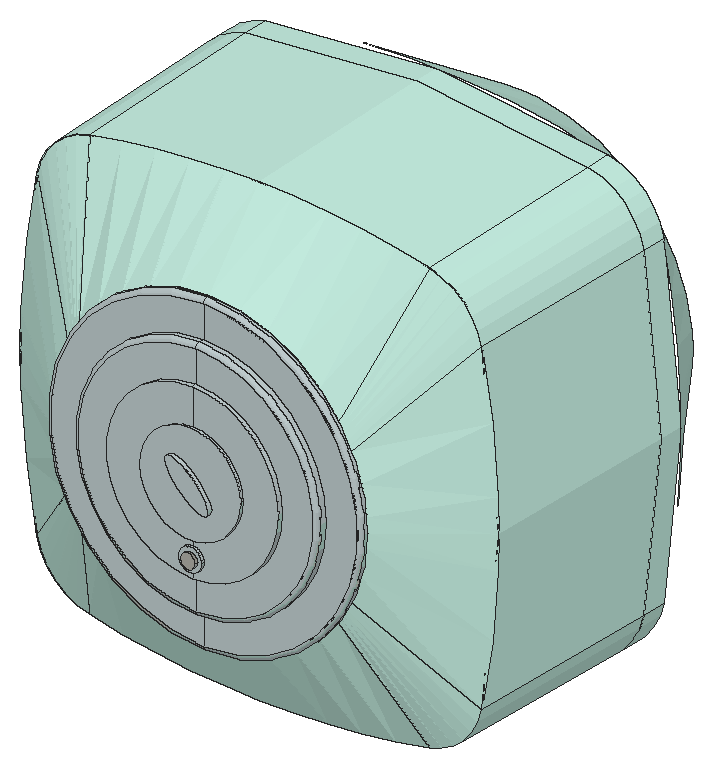
Revit family
Parameters (values of type "340 X 347 X 291")
  Wattage = 1500 W
  Hot Water Pipe Radius = Hot Water Pipe Diameter / 2  # 6.35 mm
  Hot Water Pipe Diameter = 12.7 mm
  Length D = 90 mm
  Heating Time (min) = "26"
  Heater Width = 330 mm
  Width = 347 mm
  URL = "http://www.autospec.co.za/browse.php?id=1660957480"
  Product Code = "FPRX-10-OB"
  OmniClass Title = ""
  OmniClass Number = ""
  Modspec Classification = ""
  Specification = ""
  Material = Galvanised Steel
  Weight (Kg) = "7.9"
  Location (revit room) = ""
  Model = "Prisma Storage Water Heater FPRX 10 OB"
  Manufacturer = "Kwikot"  # constant formula
  Length = 340 mm
  Electrical Supply = 230 V
  Depth = 291 mm
  Colour = none
  Cold Water Pipe Radius = Cold Water Pipe Diameter / 2  # 6.35 mm
  Cold Water Pipe Diameter = 12.7 mm
  Capacity (Litres) = 10.00 L
  Body Material = Green
  Body Finish = none
  Assembly Code = "D3010500"
Reference planes
  plane 1 "Center (Front/Back)": y = 0
  plane 2 "Bottom": z = 0
  plane 3 "Center (Left/Right)": x = 0
  plane 4: z = 165
  plane 5: z = -165
  plane 6: z = -182
  plane 7: x = -170
  plane 8: x = 170
  plane 9: y = 291
  plane 10: y = 201
  plane 11: y = 218.5
  plane 12: y = 20
  plane 13: y = 63.5
Forms (mm)
  Extrusion 1, solid, material "Red"
    sketch origin (-583.163, -1524, -165) x (-1, 0, 0) y (0, -1, 0)
      loop
        circle (-533.163, -1732.5) r 6.35
    from 4.425 to -17
  Blend 2, solid, material "Green" <- "Body Material"
    base sketch origin (587.769, 201, 1200) x (1, 0, 0) y (0, 0, 1)
      loop
        arc (-745.961, -1314.084) -> (-732.328, -1339.247) -> (-707.127, -1352.811) r 50
        arc (-707.127, -1352.811) -> (-587.769, -1365) -> (-468.411, -1352.811) r 590.5
        arc (-468.411, -1352.811) -> (-443.211, -1339.247) -> (-429.578, -1314.084) r 50
        arc (-429.578, -1314.084) -> (-417.769, -1200) -> (-429.578, -1085.916) r 557
        arc (-429.578, -1085.916) -> (-443.211, -1060.753) -> (-468.411, -1047.189) r 50
        arc (-468.411, -1047.189) -> (-587.769, -1035) -> (-707.127, -1047.189) r 590.5
        arc (-707.127, -1047.189) -> (-732.328, -1060.753) -> (-745.961, -1085.916) r 50
        arc (-745.961, -1085.916) -> (-757.769, -1200) -> (-745.961, -1314.084) r 557
    top sketch origin (587.769, 201, 1200) x (1, 0, 0) y (0, 0, 1)
      loop
        arc (-743.025, -1086.53) -> (-754.769, -1200) -> (-743.025, -1313.47) r 554
        arc (-743.025, -1313.47) -> (-730.209, -1337.123) -> (-706.521, -1349.873) r 47
        arc (-706.521, -1349.873) -> (-587.769, -1362) -> (-469.018, -1349.873) r 587.5
        arc (-469.018, -1349.873) -> (-445.33, -1337.123) -> (-432.514, -1313.47) r 47
        arc (-432.514, -1313.47) -> (-420.769, -1200) -> (-432.514, -1086.53) r 554
        arc (-432.514, -1086.53) -> (-445.33, -1062.877) -> (-469.018, -1050.127) r 47
        arc (-469.018, -1050.127) -> (-587.769, -1038) -> (-706.521, -1050.127) r 587.5
        arc (-706.521, -1050.127) -> (-730.209, -1062.877) -> (-743.025, -1086.53) r 47
    from 0 to 137.5
  Blend 3, solid, material "Green" <- "Body Material"
    base sketch origin (0, 218.5, 528.983) x (0, 0, 1) y (-1, 0, 0)
      loop
        arc (-414.899, -158.192) -> (-389.736, -144.558) -> (-376.172, -119.358) r 50
        arc (-376.172, -119.358) -> (-363.983, 0) -> (-376.172, 119.358) r 590.5
        arc (-376.172, 119.358) -> (-389.736, 144.558) -> (-414.899, 158.192) r 50
        arc (-414.899, 158.192) -> (-528.983, 170) -> (-643.068, 158.192) r 557
        arc (-643.068, 158.192) -> (-668.23, 144.558) -> (-681.795, 119.358) r 50
        arc (-681.795, 119.358) -> (-693.983, 0) -> (-681.795, -119.358) r 590.5
        arc (-681.795, -119.358) -> (-668.23, -144.558) -> (-643.068, -158.192) r 50
        arc (-643.068, -158.192) -> (-528.983, -170) -> (-414.899, -158.192) r 557
    top sketch origin (0, 218.5, 528.983) x (0, 0, 1) y (-1, 0, 0)
      loop
        arc (-434.929, 74.524) -> (-445.798, 86.488) -> (-458.176, 96.883) r 120
        arc (-458.176, 96.883) -> (-528.983, 120) -> (-599.791, 96.883) r 120
        arc (-599.791, 96.883) -> (-612.169, 86.488) -> (-623.038, 74.524) r 120
        arc (-623.038, 74.524) -> (-648.983, 0) -> (-623.038, -74.524) r 120
        arc (-623.038, -74.524) -> (-612.169, -86.488) -> (-599.791, -96.883) r 120
        arc (-599.791, -96.883) -> (-528.983, -120) -> (-458.176, -96.883) r 120
        arc (-458.176, -96.883) -> (-445.798, -86.488) -> (-434.929, -74.524) r 120
        arc (-434.929, -74.524) -> (-408.983, 0) -> (-434.929, 74.524) r 120
    from 0 to -72.5
  Extrusion 4, solid, material "Green" <- "Body Material"
    sketch origin (587.769, 201, 1200) x (1, 0, 0) y (0, 0, 1)
      loop
        arc (-429.578, -1314.084) -> (-417.769, -1200) -> (-429.578, -1085.916) r 557
        arc (-429.578, -1085.916) -> (-443.211, -1060.753) -> (-468.411, -1047.189) r 50
        arc (-468.411, -1047.189) -> (-587.769, -1035) -> (-707.127, -1047.189) r 590.5
        arc (-707.127, -1047.189) -> (-732.328, -1060.753) -> (-745.961, -1085.916) r 50
        arc (-745.961, -1085.916) -> (-757.769, -1200) -> (-745.961, -1314.084) r 557
        arc (-745.961, -1314.084) -> (-732.328, -1339.247) -> (-707.127, -1352.811) r 50
        arc (-707.127, -1352.811) -> (-587.769, -1365) -> (-468.411, -1352.811) r 590.5
        arc (-468.411, -1352.811) -> (-443.211, -1339.247) -> (-429.578, -1314.084) r 50
    from 0 to -17.5
  Blend 5, solid, material "Green" <- "Body Material"
    base sketch origin (0, 63.5, 1442.37) x (0, 0, 1) y (-1, 0, 0)
      loop
        arc (-1555.84, 155.255) -> (-1579.486, 142.45) -> (-1592.244, 118.78) r 47.007
        arc (-1592.244, 118.78) -> (-1604.418, 0) -> (-1592.244, -118.78) r 585.547
        arc (-1592.244, -118.78) -> (-1579.486, -142.45) -> (-1555.84, -155.255) r 47.007
        arc (-1555.84, -155.255) -> (-1442.37, -166.998) -> (-1328.901, -155.255) r 554.084
        arc (-1328.901, -155.255) -> (-1305.255, -142.45) -> (-1292.497, -118.78) r 47.007
        arc (-1292.497, -118.78) -> (-1280.323, 0) -> (-1292.497, 118.78) r 585.547
        arc (-1292.497, 118.78) -> (-1305.255, 142.45) -> (-1328.901, 155.255) r 47.007
        arc (-1328.901, 155.255) -> (-1442.37, 166.998) -> (-1555.84, 155.255) r 554.084
    top sketch origin (0, 63.5, 1442.37) x (0, 0, 1) y (-1, 0, 0)
      loop
        arc (-1379.673, -90.383) -> (-1332.37, 0) -> (-1379.673, 90.383) r 110
        arc (-1379.673, 90.383) -> (-1387.236, 95.185) -> (-1395.165, 99.356) r 110
        arc (-1395.165, 99.356) -> (-1442.37, 110) -> (-1489.576, 99.356) r 110
        arc (-1489.576, 99.356) -> (-1497.504, 95.185) -> (-1505.068, 90.383) r 110
        arc (-1505.068, 90.383) -> (-1552.37, 0) -> (-1505.068, -90.383) r 110
        arc (-1505.068, -90.383) -> (-1497.504, -95.185) -> (-1489.576, -99.356) r 110
        arc (-1489.576, -99.356) -> (-1442.37, -110) -> (-1395.165, -99.356) r 110
        arc (-1395.165, -99.356) -> (-1387.236, -95.185) -> (-1379.673, -90.383) r 110
    from 0 to 43.5
  Revolve 6, solid, material "Gray"
    sketch origin (0, 0, 0) x (0, 1, 0) y (0, 0, 1)
      loop
        line (15, 0) -> (15, 85.017) -> (11, 85.017)
        arc (11, 85.017) -> (8.879, 84.139) -> (8, 82.017) r 3
        line (8, 82.017) -> (8, 60.017) -> (5, 60.017) -> (5, 0) -> (15, 0)
      axis (15, 0) -> (5, 0)
    angle from 0 to 360
  Extrusion 7, solid, material "Blue"
    sketch origin (-583.163, -1524, -165) x (-1, 0, 0) y (0, -1, 0)
      loop
        circle (-633.163, -1732.5) r 6.35
    from 4.425 to -17
  Revolve 8, solid, material "Gray"
    sketch origin (0, 0, 0) x (0, 1, 0) y (0, 0, 1)
      loop
        line (20, 0) -> (20, 110) -> (18, 110)
        arc (18, 110) -> (15.879, 109.121) -> (15, 107) r 3
        line (15, 107) -> (15, 0) -> (20, 0)
      axis (20, 0) -> (15, 0)
    angle from 0 to 360
  Extrusion 9, solid, material "Gray"
    sketch origin (0, 0, 0) x (1, 0, 0) y (0, 0, 1)
      loop
        circle (0, 0) r 35
    from -3 to -5
  Extrusion 10, solid, material "Gray"
    sketch origin (0, 0, 0) x (1, 0, 0) y (0, 0, 1)
      loop
        spline (13.929, -14.23) -> (14.735, -12.461) -> (14.522, -9.848) -> (13.304, -6.571) -> (11.166, -2.851) -> (8.252, 1.057) -> (4.761, 4.886) -> (0.932, 8.377) -> (-2.976, 11.291) -> (-6.696, 13.429) -> (-9.973, 14.646) -> (-12.586, 14.859) -> (-14.355, 14.054)
        spline (-14.355, 14.054) -> (-15.161, 12.284) -> (-14.948, 9.672) -> (-13.731, 6.394) -> (-11.592, 2.675) -> (-8.679, -1.233) -> (-5.188, -5.063) -> (-1.358, -8.554) -> (2.55, -11.468) -> (6.269, -13.606) -> (9.547, -14.823) -> (12.16, -15.036) -> (13.929, -14.23)
    from 0 to -3
  Extrusion 11, solid, material "Yellow"
    sketch origin (0, 0, 0) x (1, 0, 0) y (0, 0, 1)
      loop
        circle (0, -47.5) r 5
    from -1 to -3
  Extrusion 12, solid
    sketch origin (-170, -1524, -438.75) x (0, 0, -1) y (0, -1, 0)
      loop
        circle (-438.75, -1667.058) r 20
    from 0 to 5
  Extrusion 13, solid, material "Gray"
    sketch origin (0, 0, 0) x (1, 0, 0) y (0, 0, 1)
      loop
        circle (0, -47.5) r 8
    from -3 to -5
Cuts and joins
  joined: Blend 2, Blend 3, Extrusion 4
Lines and regions (mm)
  symbolic lines
    curve 1: line (120, 291, -165) -> (-120, 291, -165)
    curve 2: line (-167, 63.501, -165) -> (-170, 201, -165)
    curve 3: line (-170, 201, -165) -> (-170, 218.5, -165)
    curve 4: line (-170, 218.5, -165) -> (-120, 291, -165)
    curve 5: line (120, 291, -165) -> (170, 218.5, -165)
    curve 6: line (170, 218.5, -165) -> (170, 201, -165)
    curve 7: line (170, 201, -165) -> (167, 63.501, -165)
    curve 8: line (-170, 218.5, -165) -> (170, 218.5, -165)
    curve 9: line (-170, 201, -165) -> (170, 201, -165)
    curve 10: line (-167, 63.501, -165) -> (167, 63.501, -165)
    curve 11: arc (-56.35, 208.5, -165) -> (-50, 202.15, -165) -> (-43.65, 208.5, -165) r 6.35
    curve 12: arc (-43.65, 208.5, -165) -> (-50, 214.85, -165) -> (-56.35, 208.5, -165) r 6.35
    curve 15: line (-166.998, 63.5, 165) -> (-110, 20, 165)
    curve 16: line (-110, 20, 165) -> (110.02, 20, 165)
    curve 17: line (110, 20, 165) -> (167, 63.501, 165)
    curve 18: line (-110, 20, 165) -> (-110, 18, 165)
    curve 19: line (-107, 15, 165) -> (107.02, 15, 165)
    curve 20: line (110.02, 18, 165) -> (110.02, 20, 165)
    curve 21: line (-85.02, 15, 165) -> (-85.02, 10.981, 165)
    curve 22: line (-82.02, 7.981, 165) -> (82.02, 7.981, 165)
    curve 23: line (85.02, 10.981, 165) -> (85.02, 15, 165)
    curve 24: line (-60, 7.981, 165) -> (-60, 4.997, 165)
    curve 25: line (-60, 4.997, 165) -> (60, 4.997, 165)
    curve 26: line (60, 4.997, 165) -> (60, 7.981, 165)
    curve 27: line (-35, 4.997, 165) -> (-35, 3, 165)
    curve 28: line (-35, 3, 165) -> (35, 3, 165)
    curve 29: line (35, 3, 165) -> (35, 4.997, 165)
    curve 30: line (-15.195, 3, 165) -> (-15.195, 0, 165)
    curve 31: line (-15.195, 0, 165) -> (14.805, 0, 165)
    curve 32: line (14.805, 0, 165) -> (14.805, 3, 165)
    curve 33: arc (-107, 15, 165) -> (-109.121, 15.879, 165) -> (-110, 18, 165) r 3
    curve 34: arc (-82.02, 7.981, 165) -> (-84.141, 8.859, 165) -> (-85.02, 10.981, 165) r 3
    curve 35: arc (82.02, 7.981, 165) -> (84.141, 8.859, 165) -> (85.02, 10.981, 165) r 3
    curve 36: arc (107.02, 15, 165) -> (109.141, 15.879, 165) -> (110.02, 18, 165) r 3
  symbolic lines, detail levels medium+fine
    curve 13: arc (43.65, 208.5, -165) -> (50, 202.15, -165) -> (56.35, 208.5, -165) r 6.35
    curve 14: arc (56.35, 208.5, -165) -> (50, 214.85, -165) -> (43.65, 208.5, -165) r 6.35
  symbolic lines, detail levels fine
    curve 37: line (-5, 1, 165) -> (5, 1, 165)
    curve 38: line (5, 1, 165) -> (5, 3, 165)
    curve 39: line (-8.001, 4.997, 165) -> (-8.001, 3, 165)
    curve 40: line (7.996, 4.997, 165) -> (7.996, 3, 165)
    curve 41: line (-5, 1, 165) -> (-5, 3, 165)
Dimensions and locks
  "Heater Width": plane 4 to plane 5
  "Length": plane 7 to plane 8
  equal spacing: plane 7, plane 3 "Center (Left/Right)", plane 8
  equal spacing: plane 4, level, plane 5
  "Depth": plane 9 to plane 1 "Center (Front/Back)"
  Extrusion 1 sketch curve to plane 3 "Center (Left/Right)" = 50 mm
  "Length D": plane 9 to plane 10
  plane 3 "Center (Left/Right)" to Extrusion 7 sketch curve = 50 mm
  "Width": plane 4 to plane 6
  Extrusion 7 sketch curve to plane 9 = 82.5 mm
  Extrusion 1 sketch curve to plane 9 = 82.5 mm
  Revolve 6 sketch curve to level = 85.017 mm
  Revolve 8 sketch curve to level = 110 mm
  "Hot Water Pipe Radius": radius of Extrusion 1 sketch curve
  "Cold Water Pipe Radius": radius of Extrusion 7 sketch curve
  aligned and locked: plane 2 "Bottom" to level
  aligned: Extrusion 1 to plane 6
  aligned and locked: Blend 3 sketch curve to Blend 2  (x8)
  aligned and locked: Extrusion 4 sketch curve to Blend 3  (x8)
  aligned and locked: plane 13 to Blend 2
  aligned and locked: Blend 3 to plane 9
  aligned and locked: plane 11 to cut or joined group of Blend 2, Blend 3, Extrusion 4
  aligned and locked: cut or joined group of Blend 2, Blend 3, Extrusion 4 to plane 11
  aligned and locked: plane 10 to cut or joined group of Blend 2, Blend 3, Extrusion 4
  aligned and locked: cut or joined group of Blend 2, Blend 3, Extrusion 4 to plane 10
  aligned: cut or joined group of Blend 2, Blend 3, Extrusion 4 to plane 13
  aligned: plane 12 to cut or joined group of Blend 2, Blend 3, Extrusion 4
  aligned and locked: curve 1 to cut or joined group of Blend 2, Blend 3, Extrusion 4
  aligned and locked: plane 2 "Bottom" to Revolve 6 sketch curve
  aligned and locked: Extrusion 7 to plane 6
  aligned and locked: Extrusion 7 to Extrusion 1
  aligned and locked: Extrusion 1 to Extrusion 7
  aligned and locked: Extrusion 1 to plane 6
  aligned and locked: plane 2 "Bottom" to Revolve 8 sketch curve
  aligned: Extrusion 9 to Revolve 6
  aligned and locked: Extrusion 10 to Extrusion 9
  aligned and locked: curve 37 to Extrusion 11
Automatic sketch dimensions
  Blend 2 sketch curve to level = 0 mm  (x4)
  Blend 2 sketch curve to plane 3 "Center (Left/Right)" = 0 mm  (x4)
  Blend 2 sketch curve to plane 4 = 12.189 mm  (x2)
  Blend 2 sketch curve to Blend 2 sketch curve = 10.107 mm  (x4)
  plane 5 to Blend 2 sketch curve = 12.189 mm  (x2)
  Blend 2 sketch curve to Blend 2 sketch curve = 0 mm  (x12)
  Blend 2 sketch curve to plane 7 = 11.808 mm
  Blend 2 sketch curve to Blend 2 sketch curve = 48.94 mm  (x2)
  plane 7 to Blend 2 sketch curve = 217 mm  (x2)
  plane 8 to Blend 2 sketch curve = 60.748 mm  (x2)
  plane 8 to Blend 2 sketch curve = 11.808 mm
  Blend 2 sketch curve to plane 4 = 15.127 mm  (x2)
  Blend 2 sketch curve to Blend 2 sketch curve = 9.5 mm  (x4)
  plane 5 to Blend 2 sketch curve = 15.127 mm  (x2)
  Blend 2 sketch curve to plane 7 = 14.745 mm  (x2)
  plane 8 to Blend 2 sketch curve = 14.745 mm
  Blend 2 sketch curve to Blend 2 sketch curve = 46.004 mm
  Blend 3 sketch curve to Blend 3 sketch curve = 0 mm  (x56)
  Blend 3 sketch curve to level = 0 mm
  Blend 3 sketch curve to plane 3 "Center (Left/Right)" = 0 mm
  Blend 3 sketch curve to level = 70.808 mm  (x2)
  Blend 3 sketch curve to Blend 3 sketch curve = 23.247 mm  (x4)
  level to Blend 3 sketch curve = 70.808 mm  (x2)
  plane 3 "Center (Left/Right)" to Blend 3 sketch curve = 74.524 mm
  Blend 5 sketch curve to plane 3 "Center (Left/Right)" = 0 mm  (x3)
  Blend 5 sketch curve to level = 0 mm  (x3)
  plane 5 to Blend 5 sketch curve = 61.157 mm  (x2)
  plane 8 to Blend 5 sketch curve = 14.745 mm
  Blend 5 sketch curve to Blend 5 sketch curve = 9.627 mm  (x4)
  Blend 5 sketch curve to plane 7 = 14.745 mm
  Blend 5 sketch curve to Blend 5 sketch curve = 0 mm  (x19)
  plane 5 to Blend 5 sketch curve = 15.127 mm
  Blend 5 sketch curve to Blend 5 sketch curve = 46.03 mm
  Blend 5 sketch curve to plane 6 = 241.5 mm
  Blend 5 sketch curve to plane 4 = 61.157 mm  (x2)
  Blend 5 sketch curve to plane 4 = 15.127 mm
  curve 9 to plane 8 = 0 mm
  plane 9 to curve 5 = 0 mm
  curve 3 to plane 7 = 0 mm
  plane 11 to curve 8 = 0 mm
  plane 10 to curve 9 = 0 mm
  curve 7 to plane 13 = 0.001 mm
  plane 8 to curve 7 = 3 mm
  plane 8 to curve 5 = 50 mm
  curve 1 to plane 7 = 50 mm
  curve 13 to plane 10 = 7.5 mm
  plane 3 "Center (Left/Right)" to curve 13 = 56.35 mm
  curve 13 to curve 13 = 6.35 mm
  curve 11 to plane 10 = 7.5 mm
  curve 11 to plane 3 "Center (Left/Right)" = 43.65 mm
  curve 11 to curve 12 = 6.35 mm
  curve 10 to plane 7 = 3 mm
  Revolve 8 sketch curve to level = 0 mm
  Revolve 8 sketch curve to plane 12 = 0 mm
  plane 12 to Revolve 8 sketch curve = 2 mm
  Revolve 8 sketch curve to Revolve 8 sketch curve = 3 mm
  plane 1 "Center (Front/Back)" to Revolve 8 sketch curve = 15 mm
  Revolve 8 sketch curve to plane 13 = 21.5 mm
  Revolve 6 sketch curve to level = 0 mm
  plane 1 "Center (Front/Back)" to Revolve 6 sketch curve = 7.054 mm
  Revolve 6 sketch curve to plane 1 "Center (Front/Back)" = 5 mm
  Revolve 6 sketch curve to Revolve 6 sketch curve = 3 mm  (x2)
  Revolve 6 sketch curve to Revolve 6 sketch curve = 4 mm
  Revolve 6 sketch curve to plane 12 = 17.946 mm
  Revolve 6 sketch curve to Revolve 6 sketch curve = 22 mm
  Extrusion 9 sketch curve to level = 0 mm
  Extrusion 9 sketch curve to plane 3 "Center (Left/Right)" = 0 mm
  Extrusion 11 sketch curve to plane 3 "Center (Left/Right)" = 0 mm
  Extrusion 11 sketch curve to plane 3 "Center (Left/Right)" = 5 mm
  Extrusion 11 sketch curve to level = 47.5 mm
  Extrusion 12 sketch curve to level = 0 mm
  plane 10 to Extrusion 12 sketch curve = 57.942 mm
  Extrusion 10 sketch curve to level = 0.088 mm
  Extrusion 10 sketch curve to plane 3 "Center (Left/Right)" = 0.213 mm
  plane 3 "Center (Left/Right)" to Extrusion 10 sketch curve = 13.929 mm
  Extrusion 13 sketch curve to plane 3 "Center (Left/Right)" = 0 mm
  Extrusion 13 sketch curve to level = 47.5 mm
  level to Blend 5 sketch curve = 47.205 mm  (x2)
  Blend 5 sketch curve to level = 62.697 mm  (x2)
  Blend 5 sketch curve to Blend 5 sketch curve = 15.492 mm  (x4)
  plane 12 to curve 20 = 0 mm
  plane 12 to curve 17 = 0 mm
  plane 1 "Center (Front/Back)" to curve 32 = 0 mm
  plane 13 to curve 15 = 0 mm
  curve 17 to plane 13 = 0.001 mm
  plane 8 to curve 17 = 3 mm
  plane 8 to curve 20 = 59.98 mm
  curve 16 to curve 17 = 0.02 mm
  curve 36 to curve 36 = 3 mm
  plane 12 to curve 23 = 5 mm
  curve 19 to curve 23 = 22 mm
  curve 35 to curve 22 = 3 mm
  curve 26 to plane 1 "Center (Front/Back)" = 7.981 mm
  curve 22 to curve 26 = 22.02 mm
  curve 25 to curve 29 = 25 mm
  plane 3 "Center (Left/Right)" to curve 32 = 14.805 mm
  curve 32 to curve 40 = 6.809 mm
  curve 40 to curve 38 = 2.996 mm
  curve 41 to plane 3 "Center (Left/Right)" = 5 mm
  curve 41 to curve 39 = 3.001 mm
  curve 39 to curve 31 = 7.194 mm
  curve 30 to curve 27 = 19.805 mm
  curve 25 to plane 1 "Center (Front/Back)" = 4.997 mm
  curve 27 to curve 25 = 25 mm
  curve 24 to curve 34 = 22.02 mm
  curve 34 to curve 21 = 3 mm
  plane 12 to curve 33 = 2 mm
  curve 21 to curve 33 = 21.98 mm
  curve 15 to plane 7 = 3.002 mm
  curve 41 to curve 37 = 2 mm
  radius of Extrusion 9 sketch curve = 35 mm
  radius of Extrusion 12 sketch curve = 20 mm
  radius of Extrusion 13 sketch curve = 8 mm
  radius of Blend 5 sketch curve = 110 mm
Connectors
  piping at (-50, 208.5, -182), driven by "Hot Water Pipe Radius"
    settings: on Extrusion 1, index 1, connector radius 6.35 mm, flow factor 0, pipe flow 0.0 L/s, pressure drop 0 kPa, fitting loss kfactor 0, connector angle 0.00°, fixture units 0, flow configuration 0, flow direction 2, fitting loss method 0, system type 19, connector reference index -1, connector utility 0, adjustable connector no, is connector primary no, fitting loss table "", connector description "Outlet Pipe Connector"
  piping at (50, 208.5, -182), driven by "Cold Water Pipe Radius"
    settings: on Extrusion 7, index 2, connector radius 6.35 mm, flow factor 0, pipe flow 0.0 L/s, pressure drop 0 kPa, fitting loss kfactor 0, connector angle 0.00°, fixture units 0, flow configuration 0, flow direction 1, fitting loss method 0, system type 20, connector reference index -1, connector utility 0, adjustable connector no, is connector primary yes, fitting loss table "", connector description "Inlet Pipe Connector"
  electrical at (-175, 143.058, 0), driven by "Electrical Supply", driven by "Wattage"
    settings: on Extrusion 12, index 3, voltage 230 V, apparent load 0 kW, apparent load phase1 1.5 kW, apparent load phase2 0 kW, apparent load phase3 0 kW, power factor 1, load classification "Other", number of poles 1, system type 31, power factor state 1, is connector primary yes, connector utility no, sub classification motor no, connector description "Electrical Connector"
